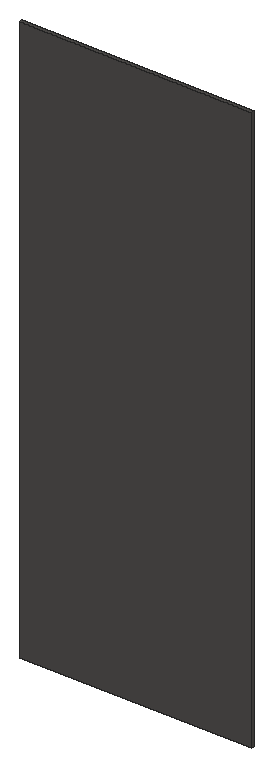
Revit family "MOMENTUM_PANEL_CIRCLET", category Generic Models, Revit 2022
Family settings
  Can host rebar = No
  Round Connector Dimension = Use Diameter
  Part Type = Normal
  Work Plane-Based = No
  Always vertical = Yes
  Cut with Voids When Loaded = No
  Maintain Annotation Orientation = No
  Shared = No
  Room Calculation Point = No
Parameters (values of type "circlet_panel-tawny-09579502")
  Warranty URL = "https://momentumtextilesandwalls.com/products/09579227/warranty"
  URL = "https://momentumtextilesandwalls.com/solutions/acoustics"
  Type Comments = ""
  Support Email = "customerservice@momtex.com"
  Product Page URL = "https://momentumtextilesandwalls.com/pages/solutions/acoustics/panels"
  Product Name = "PINDROP PANELS - Circlet"
  Product Documetation Link = "https://momentumtextilesandwalls.com/pages/solutions/acoustics/resources"
  Pindrop Color = Pindrop - Circlet Tawny
  Model = "09579502"
  Material = "1/2\" PET Felt"
  Manufacturer Phone Number = "+1 800.366.6839"
  Manufacturer Email = "customerservice@momtex.com"
  Manufacturer Address = "17811 Fitch, Irvine, California 92614"
  Manufacturer = "Momentum"
  Keynote = "09840.A1"
  Instruction Sheet Link = "https://momentumtextilesandwalls-res.cloudinary.com/image/upload/v1/pdf/solid_color_installation_guide.pdf?_a=AAFIKDQ"
  Installation Type = "Construction Adhesive"
  Description = "CONFIDENT ALONE, DESIGNED TO BE COMBINED: These bold geometric shapes are made to speak for themselves while keeping a lid on noise. Printed in large, dramatic ombre effect of organic lines, ZIG OMBRE is available in 6 colorways. ZAG, its companion panel, is etched_carved from solid colors at various depths. Made from recycled PET felt (0.5\"), Red List free with an NRC value of 0.45-0.9."
  Default Elevation = 0"
  Cost = 0
  Copyright = "Copyright © 2023 Momentum"
  Assembly Code = "C3010140"
Types (6): name | Pindrop Color | Model
  circlet_panel-copper-09579480 | Pindrop - Circlet Copper | "09579480"
  circlet_panel-frost-09579447 | Pindrop - Circlet Frost | "09579447"
  circlet_panel-lapis-09579469 | Pindrop - Circlet Lapis | "09579469"
  circlet_panel-steel-09579458 | Pindrop - Circlet Steel | "09579458"
  circlet_panel-tawny-09579502 | Pindrop - Circlet Tawny | "09579502"
  circlet_panel-wineberry-09579491 | Pindrop - Circlet Wineberry | "09579491"
Reference planes (in)
  plane 1 "Center (Front/Back)": y = 0
  plane 2: z = 0
  plane 3 "Center (Left/Right)": x = 0
  plane 4: y = -0.5
Forms (in)
  Extrusion 1, solid, material "Pindrop - Circlet Tawny" <- "Pindrop Color"
    sketch origin (0, 0, 0) x (1, 0, 0) y (0, 0, 1)
      loop
        line (0, 0) -> (48, 0) -> (48, 118) -> (0, 118) -> (0, 0)
    from 0 to 0.5
Dimensions and locks (in)
  locked: Extrusion 1 sketch curve to Extrusion 1 sketch curve at 48
  locked: Extrusion 1 sketch curve to Extrusion 1 sketch curve at 118
  plane 4 to plane 1 "Center (Front/Back)" = 1/2"
  aligned and locked: level to plane 2
  aligned and locked: Extrusion 1 sketch curve to level
  aligned and locked: Extrusion 1 sketch curve to plane 3 "Center (Left/Right)"
  aligned and locked: Extrusion 1 to plane 1 "Center (Front/Back)"
  aligned and locked: Extrusion 1 to plane 4
